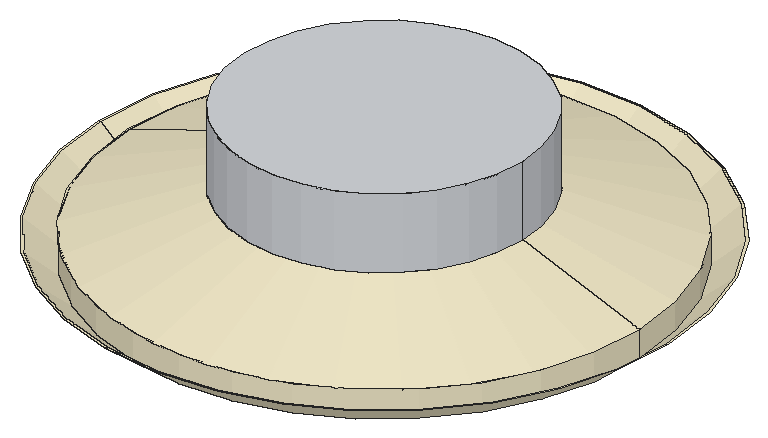
Revit family "Circular diffuser-Extract", category Air Terminals, Revit 2013
Parameters (values of type "C-27 12"")
  Z = 25.4 mm
  URL = "http://www.anemostat.com"
  U Outer Cone = 615.95 mm
  U - Outer Cone Radius = U Outer Cone / 2  # 307.975 mm
  R Neck Height = 76.2 mm
  Outer Cone Height = 70.644 mm
  Model = "C-27"
  Manufacturer = "Anemostat"
  Flow [instance] = 100 CFM
  Duct Radius = Duct / 2  # 150.0 mm
  Duct = 300.0 mm
  Diffuser Service = "ECD"
  C3 C Radius = C3 C / 2  # 104.775 mm
  C3 C = 209.55 mm
  C3 B Radius = C3 B / 2  # 192.484 mm
  C3 B = 384.969 mm
  C2 C Radius = C2 C / 2  # 53.975 mm
  C2 C = 107.95 mm
  C2 B Radius = C2 B / 2  # 108.744 mm
  C2 B = 217.488 mm
  C2 & 3 A = 54.769 mm
  C1 C Radius = C1 C / 2  # 17.463 mm
  C1 C = 34.925 mm
  C1 B Radius = C1 B / 2  # 50.998 mm
  C1 B = 101.997 mm
  C1 A = 57.944 mm
  Air Flow [instance] = Flow  # 100 CFM
  A Outer Cone = 552.45 mm
  A - Outer Cone Radius = A Outer Cone / 2  # 276.225 mm
Types (8, lengths in mm): name | Z | U Outer Cone | U - Outer Cone Radius | R Neck Height | Outer Cone Height | Duct Radius | Duct | Diffuser Service | C3 C Radius | C3 C | C3 B Radius | C3 B | C2 C Radius | C2 C | C2 B Radius | C2 B | C2 & 3 A | C1 C Radius | C1 C | C1 B Radius | C1 B | C1 A | A Outer Cone | A - Outer Cone Radius
  C-27 06" | 25.4 | 615.95 | 307.975 | 76.2 | 70.644 | 150.0 | 300.0 | "SCD" | 104.775 | 209.55 | 192.484 | 384.969 | 53.975 | 107.95 | 108.744 | 217.488 | 54.769 | 17.463 | 34.925 | 50.998 | 101.997 | 57.944 | 552.45 | 276.225
  C-27 08" | 15.875 | 466.725 | 233.363 | 76.2 | 52.388 | 101.6 | 203.2 | "SCD" | 81.756 | 163.513 | 144.066 | 288.131 | 42.069 | 84.138 | 80.963 | 161.925 | 38.894 | 13.494 | 26.988 | 33.734 | 67.469 | 42.069 | 415.925 | 207.963
  C-27 10" | 25.4 | 615.95 | 307.975 | 76.2 | 79.375 | 125.0 | 250.0 | "SCD" | 104.775 | 209.55 | 192.484 | 384.969 | 53.975 | 107.95 | 108.744 | 217.488 | 54.769 | 17.463 | 34.925 | 50.998 | 101.997 | 57.944 | 552.45 | 276.225
  C-27 12" | 25.4 | 615.95 | 307.975 | 76.2 | 70.644 | 150.0 | 300.0 | "ECD" | 104.775 | 209.55 | 192.484 | 384.969 | 53.975 | 107.95 | 108.744 | 217.488 | 54.769 | 17.463 | 34.925 | 50.998 | 101.997 | 57.944 | 552.45 | 276.225
  C-27 15" | 34.925 | 901.7 | 450.85 | 76.2 | 99.219 | 190.5 | 381.0 | "SCD" | 142.081 | 284.163 | 279.4 | 558.8 | 69.85 | 139.7 | 155.575 | 311.15 | 85.725 | 19.05 | 38.1 | 70.644 | 141.288 | 76.2 | 806.45 | 403.225
  C-27 18" | 34.925 | 901.7 | 450.85 | 82.55 | 76.2 | 228.6 | 457.2 | "SCD" | 142.081 | 284.163 | 279.4 | 558.8 | 69.85 | 139.7 | 155.575 | 311.15 | 85.725 | 19.05 | 38.1 | 70.644 | 141.288 | 76.2 | 806.45 | 403.225
  C-27 21" | 12.7 | 1181.1 | 590.55 | 114.3 | 173.038 | 266.7 | 533.4 | "SCD" | 177.8 | 355.6 | 415.925 | 831.85 | 95.25 | 190.5 | 236.538 | 473.075 | 122.634 | 35.719 | 71.438 | 111.125 | 222.25 | 96.838 | 1085.85 | 542.925
  C-27 24" | 12.7 | 1181.1 | 590.55 | 130.175 | 173.038 | 304.8 | 609.6 | "SCD" | 177.8 | 355.6 | 415.925 | 831.85 | 95.25 | 190.5 | 236.538 | 473.075 | 122.634 | 35.719 | 71.438 | 111.125 | 222.25 | 96.838 | 1085.85 | 542.925
Reference planes
  plane 1 "Center (Front/Back)": y = 0
  plane 2: z = 0
  plane 3 "Center (Left/Right)": x = 0
  plane 4: z = -25.4
  plane 5: z = 45.244
  plane 6: x = 307.975
  plane 7: x = 276.225
  plane 8: x = 150
  plane 9: z = 32.544
  plane 10: y = -17.463
  plane 11: y = -50.998
  plane 12: z = 29.369
  plane 13: y = -53.975
  plane 14: y = -108.744
  plane 15: y = -104.775
  plane 16: y = -192.484
  plane 17: z = 121.444
Forms (mm)
  Revolve 1, solid, material "Grille"
    sketch origin (0, 0, 0) x (1, 0, 0) y (0, 0, 1)
      loop
        line (0, 45.244) -> (0, 44.456) -> (149.998, 44.456) -> (275.438, 2.437) -> (275.438, -25.4) -> (276.225, -25.4) -> (307.975, 0) -> (306.146, 0) -> (276.225, -24.529) -> (276.225, 2.841) -> (150, 45.244) -> (0, 45.244)
      axis (0, 45.244) -> (0, -25.4)
    angle from 0 to 360
  Revolve 2, solid, material "Grille"
    sketch origin (0, 0, 0) x (0, 1, 0) y (0, 0, 1)
      loop
        line (0, 32.544) -> (-17.463, 32.544) -> (-50.998, -25.4) -> (-50.211, -25.4) -> (-17.008, 31.756) -> (0, 31.756) -> (0, 32.544)
      axis (0, 32.544) -> (0, -25.4)
    angle from 0 to 360
  Revolve 3, solid, material "Grille"
    sketch origin (0, 0, 0) x (0, 1, 0) y (0, 0, 1)
      loop
        line (0, 29.369) -> (-50.998, 29.369) -> (-108.744, -25.4) -> (-107.956, -25.4) -> (-50.944, 28.581) -> (0, 28.581) -> (0, 29.369)
      axis (0, 29.369) -> (0, -25.4)
    angle from 0 to 360
  Revolve 4, solid, material "Grille"
    sketch origin (0, 0, 0) x (0, 1, 0) y (0, 0, 1)
      loop
        line (0, 29.369) -> (-104.775, 29.369) -> (-192.484, -25.4) -> (-190.986, -25.4) -> (-104.522, 28.581) -> (0, 28.581) -> (0, 29.369)
      axis (0, 29.369) -> (0, -25.4)
    angle from 0 to 360
  Extrusion 5, solid
    sketch origin (0, 0, 0) x (1, 0, 0) y (0, 1, 0)
      loop
        circle (0, 0) r 150
    from 45.244 to 121.444 <- "R Neck Height"
Dimensions and locks
  "Z": level to plane 4
  "Outer Cone Height": plane 5 to plane 4
  "U - Outer Cone Radius": plane 6 to plane 3 "Center (Left/Right)"
  "A - Outer Cone Radius": plane 3 "Center (Left/Right)" to plane 7
  "Duct Radius": plane 8 to plane 3 "Center (Left/Right)"
  "C1 A": plane 9 to plane 4
  "C1 C Radius": plane 1 "Center (Front/Back)" to plane 10
  "C1 B Radius": plane 1 "Center (Front/Back)" to plane 11
  "C2 & 3 A": plane 12 to plane 4
  "C2 C Radius": plane 1 "Center (Front/Back)" to plane 13
  "C2 B Radius": plane 1 "Center (Front/Back)" to plane 14
  "C3 C Radius": plane 1 "Center (Front/Back)" to plane 15
  "C3 B Radius": plane 1 "Center (Front/Back)" to plane 16
  "R Neck Height": plane 17 to plane 5
  "Duct Radius": radius of Extrusion 5 sketch curve
  aligned and locked: Extrusion 5 to plane 5
  aligned and locked: plane 17 to Extrusion 5
Automatic sketch dimensions
  Revolve 1 sketch curve to plane 3 "Center (Left/Right)" = 0.0 mm  (x2)
  Revolve 1 sketch curve to plane 5 = 0.0 mm
  Revolve 1 sketch curve to plane 8 = 0.0 mm
  Revolve 1 sketch curve to plane 4 = 0.0 mm
  Revolve 1 sketch curve to plane 7 = 0.0 mm  (x2)
  Revolve 1 sketch curve to level = 0.0 mm
  Revolve 1 sketch curve to plane 6 = 0.0 mm
  Revolve 1 sketch curve to plane 8 = 0.002 mm
  Revolve 1 sketch curve to Revolve 1 sketch curve = 0.787 mm
  Revolve 1 sketch curve to Revolve 1 sketch curve = 1.829 mm
  Revolve 1 sketch curve to plane 4 = 2.922 mm
  Revolve 1 sketch curve to Revolve 1 sketch curve = 0.871 mm
  level to Revolve 1 sketch curve = 2.437 mm
  Revolve 1 sketch curve to Revolve 1 sketch curve = 0.405 mm
  Revolve 1 sketch curve to plane 5 = 0.787 mm
  Revolve 1 sketch curve to Revolve 1 sketch curve = 7.688 mm
  Revolve 2 sketch curve to plane 4 = 0.0 mm  (x2)
  Revolve 2 sketch curve to plane 11 = 0.0 mm
  Revolve 2 sketch curve to plane 9 = 0.0 mm  (x2)
  Revolve 2 sketch curve to plane 10 = 0.0 mm
  Revolve 2 sketch curve to plane 1 "Center (Front/Back)" = 0.0 mm  (x2)
  Revolve 2 sketch curve to plane 11 = 0.787 mm
  Revolve 2 sketch curve to plane 10 = 0.455 mm
  Revolve 2 sketch curve to Revolve 2 sketch curve = 0.787 mm
  Revolve 3 sketch curve to plane 4 = 0.0 mm  (x2)
  Revolve 3 sketch curve to plane 14 = 0.0 mm
  Revolve 3 sketch curve to plane 11 = 0.0 mm
  Revolve 3 sketch curve to plane 1 "Center (Front/Back)" = 0.0 mm  (x2)
  Revolve 3 sketch curve to plane 12 = 0.0 mm  (x2)
  Revolve 3 sketch curve to Revolve 3 sketch curve = 0.787 mm
  Revolve 3 sketch curve to plane 11 = 0.055 mm
  Revolve 3 sketch curve to Revolve 3 sketch curve = 0.0 mm
  Revolve 3 sketch curve to plane 12 = 0.787 mm
  Revolve 4 sketch curve to plane 4 = 0.0 mm  (x2)
  Revolve 4 sketch curve to plane 16 = 0.0 mm
  Revolve 4 sketch curve to plane 12 = 0.0 mm  (x2)
  Revolve 4 sketch curve to plane 15 = 0.0 mm
  Revolve 4 sketch curve to plane 1 "Center (Front/Back)" = 0.0 mm  (x2)
  Revolve 4 sketch curve to plane 16 = 1.498 mm
  Revolve 4 sketch curve to plane 15 = 0.253 mm
  Revolve 4 sketch curve to Revolve 4 sketch curve = 0.787 mm
  plane 1 "Center (Front/Back)" to Extrusion 5 sketch curve = 0.0 mm
  Extrusion 5 sketch curve to plane 3 "Center (Left/Right)" = 0.0 mm
Connectors
  hvac at (0, 0, 121.444), driven by "Duct Radius"
    settings: on Extrusion 5, index 1, duct flow 0 CFM, flow factor 0, pres drop 0.00 in-wg, loss coef 0, conn angle 0.00°, conn width 304.8 mm, conn height 304.8 mm, conn radius 150.0 mm, duct sys type 3, conn prof type 0, flow config 0, flow direction 0, loss method 0, conn ref index -1, conn util no, is conn primary yes, conn desc ""
